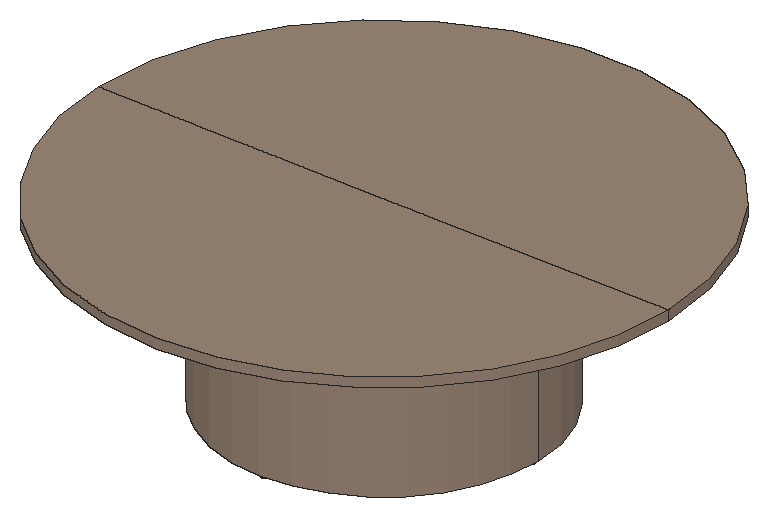
Revit family "Table-Teknion-CFRFFD_Figure_Table_Round_Drum_Base_Flat_Edge-R2023", category Furniture, Revit 2023 (continued)
Definition of nested family "12 Inch Standard Recessed Access Door"
  Automatic sketch dimensions
    curve 32 to curve 36 = 0.00142"
    curve 22 to curve 26 = 0.00142"
    curve 33 to curve 39 = 0.10628"
    curve 23 to curve 29 = 0.10628"
    curve 14 to curve 13 = 0.58977"
    curve 19 to curve 17 = 0.58977"
    curve 39 to curve 17 = 0.11574"
    curve 28 to curve 56 = 0.8366"
    curve 28 to curve 27 = 0.10486"
    curve 38 to curve 37 = 0.10486"
    curve 36 to curve 31 = 0.00142"
    curve 28 to curve 24 = 0.10628"
    curve 57 to curve 10 = 0.29867"
    plane 6 "Back" to Masking region 1 sketch curve = 0.000"
    plane 7 "Front" to Masking region 1 sketch curve = 0.000"
    Masking region 1 sketch curve to plane 7 "Front" = 0.46457"
    plane 5 "Right" to Masking region 1 sketch curve = 12.05512"
    Masking region 1 sketch curve to Masking region 1 sketch curve = 0.28742"  (x2)
    Masking region 1 sketch curve to Masking region 1 sketch curve = 0.17714"  (x3)
    Masking region 1 sketch curve to Masking region 1 sketch curve = 0.07208"  (x3)
    Masking region 1 sketch curve to Masking region 1 sketch curve = 0.11687"  (x4)
    Masking region 1 sketch curve to Masking region 1 sketch curve = 0.05512"  (x4)
    Masking region 1 sketch curve to plane 7 "Front" = 0.28742"
    Masking region 1 sketch curve to Masking region 1 sketch curve = 11.01575"
    Masking region 1 sketch curve to plane 6 "Back" = 0.51969"
    Masking region 1 sketch curve to Masking region 1 sketch curve = 0.000"
    Masking region 1 sketch curve to Masking region 1 sketch curve = 0.04331"  (x2)
    Masking region 1 sketch curve to Masking region 1 sketch curve = 0.3162"
    Masking region 1 sketch curve to Masking region 1 sketch curve = 0.29867"  (x3)
    Masking region 1 sketch curve to Masking region 1 sketch curve = 0.73174"  (x2)
Definition of nested family "Teknion_2D_Node_Family-R2016"
  Reference planes (in)
    plane 1 "Center (Front/Back)": y = 0
    plane 2: z = 0
    plane 3 "Center (Left/Right)": x = 0
  Lines and regions (in)
    detail lines, in view "Ref. Level"
      curve 1: circle (0, 0, 0) r 1.25 normal (0, 0, 1)
      curve 2: line (1.91508, -1.91508, 0) -> (-1.91508, 1.91508, 0)
      curve 3: line (-1.91508, -1.91508, 0) -> (1.91508, 1.91508, 0)
